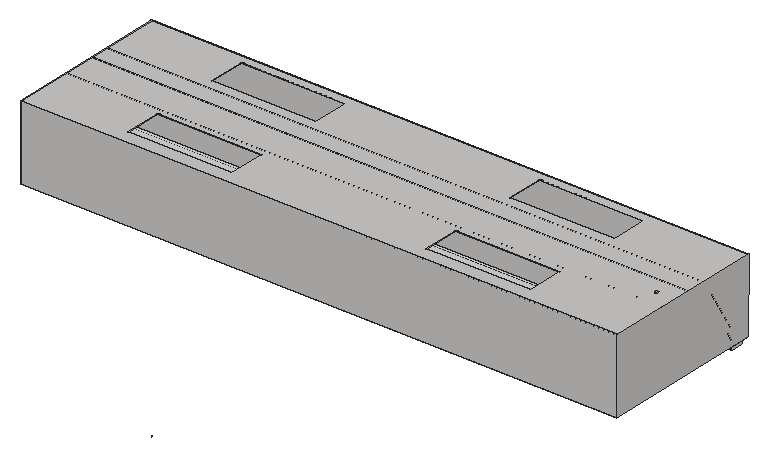
Revit family "QF_ELECTROLUXPROFESSIONAL_641256_STPF1140", category Specialty Equipment, Revit 2014
Reference planes
  plane 1: z = 0
  plane 2 "Center (Left/Right)": x = 150
  plane 3 "LEFT": x = -1850
  plane 4 "RIGHT": x = 2150
  plane 5 "BACK": y = 550
  plane 6 "TOP": z = 2500
  plane 7 "Base": z = 2000
  plane 8: z = 1955
  plane 9 "DrainY": y = 490
  plane 10: x = -1847
  plane 11 "DrainX": x = 2030
  plane 12 "AOLeft2": x = -500
  plane 13 "AORight1": x = 800
  plane 14: x = 2147
  plane 15: x = -1650
  plane 16: x = 1950
  plane 17 "Center (Front/Back)": y = -100
  plane 18 "Front": y = -550
  plane 19 "AOLeft1": x = -1200
  plane 20 "AORight2": x = 1500
  plane 21: y = -464
  plane 22: y = -214
  plane 23: y = 240
  plane 24: y = 490
  plane 25 "EI_y": y = -70
  plane 26 "EIx": x = 2030
Forms (mm)
  Extrusion 1, solid, material "QF_Finishes_Stainless Steel"
    sketch origin (-1850, 0, 360) x (0, 1, 0) y (0, 0, 1)
      loop
        line (550, 1640) -> (550, 2140) -> (-550, 2140) -> (-550, 1640) -> (550, 1640)
    from 0 to 3
  Extrusion 2, solid, material "QF_Finishes_Stainless Steel"
    sketch origin (2150, 0, 360) x (0, 1, 0) y (0, 0, 1)
      loop
        line (550, 1640) -> (550, 2140) -> (-550, 2140) -> (-550, 1640) -> (550, 1640)
    from 0 to -3
  Extrusion 3, solid, material "QF_Finishes_Stainless Steel"
    sketch origin (150, 0, 360) x (0, 1, 0) y (0, 0, 1)
      loop
        line (-550, 2140) -> (-550, 1640) -> (-540, 1640) -> (-540, 1640.8) -> (-549.2, 1640.8) -> (-549.2, 2139.19) -> (549.2, 2139.19) -> (549.2, 1640.8) -> (540, 1640.8) -> (540, 1640) -> (550, 1640) -> (550, 2140) -> (-550, 2140)
    from -2000 to 2000
  Extrusion 4, solid, material "QF_Finishes_Stainless Steel"
    sketch origin (0, 0, 2000) x (0, 1, 0) y (-1, 0, 0)
      loop
        circle (490, -2030) r 4.763
    from -30 to 0
  Extrusion 5, void
    sketch origin (0, 0, 2500) x (0, 1, 0) y (-1, 0, 0)
      loop
        line (-214, 500) -> (-214, 1200) -> (-464, 1200) -> (-464, 500) -> (-214, 500)
    from 0 to -10
  Extrusion 6, solid, material "QF_Finishes_Stainless Steel"
    sketch origin (0, 0, 0) x (1, 0, 0) y (0, 1, 0)
      loop
        line (-1850, 550) -> (-1850, 549) -> (-1849, 549) -> (-1849, 550) -> (-1850, 550)
    from 0 to 1
  Extrusion 7, solid, material "QF_LAMPS"
    sketch origin (150, 0, 360) x (0, 1, 0) y (0, 0, 1)
      loop
        line (-172.823, 1962.324) -> (-18.948, 2086.929) -> (-27.129, 2097.032) -> (-181.003, 1972.426) -> (-172.823, 1962.324)
    from 1997 to -1997
  Sweep 8, solid, material "QF_Finishes_Stainless Steel"
    path origin (0, 0, 0) x (1, 0, 0) y (0, 1, 0)
      loop
        line (2150, 550) -> (-1850, 550) -> (-1850, -550) -> (2150, -550) -> (2150, 550)
    profile origin (2150, 0, 0) x (1, 0, 0) y (0, 0, 1)
      loop
        line (-3, 2000) -> (-3, 2000.8) -> (-19, 2000.8) -> (-19, 2010) -> (-20, 2010) -> (-20, 2000) -> (-3, 2000)
  Extrusion 9, solid, material "QF_Finishes_Stainless Steel"
    sketch origin (150, 0, 0) x (0, 1, 0) y (0, 0, 1)
      loop
        line (414.66, 2095.469) -> (440.643, 2110.471) -> (261.744, 2411.771) -> (235.948, 2396.455) -> (414.66, 2095.469)
    from -1997 to -1800
  Extrusion 10, void
    sketch origin (1134.605, 0, 2500) x (0, 1, 0) y (-1, 0, 0)
      loop
        line (-214, -365.395) -> (-214, 334.605) -> (-464, 334.605) -> (-464, -365.395) -> (-214, -365.395)
    from 0 to -10
  Extrusion 11, solid, material "QF_Finishes_Stainless Steel"
    sketch origin (2030, 0, 0) x (0, 1, 0) y (0, 0, 1)
      loop
        line (539, 2000) -> (441, 2000) -> (441, 1989) -> (448.5, 1989) -> (448.5, 1965)
        arc (448.5, 1965) -> (451.429, 1957.929) -> (458.5, 1955) r 10
        line (458.5, 1955) -> (521.5, 1955)
        arc (521.5, 1955) -> (528.571, 1957.929) -> (531.5, 1965) r 10
        line (531.5, 1965) -> (531.5, 1989) -> (539, 1989) -> (539, 2000)
    from 90 to -90
  Extrusion 12, solid, material "QF_Finishes_Stainless Steel"
    sketch origin (150, 0, 0) x (0, 1, 0) y (0, 0, 1)
      loop
        line (414.66, 2095.469) -> (440.643, 2110.471) -> (261.744, 2411.771) -> (235.948, 2396.455) -> (414.66, 2095.469)
    from 1800 to 1997
  Extrusion 13, solid, material "QF_Finished_Chrome"
    sketch origin (150, 0, 0) x (0, 1, 0) y (0, 0, 1)
      loop
        line (414.66, 2095.469) -> (440.643, 2110.471) -> (261.744, 2411.771) -> (235.948, 2396.455) -> (414.66, 2095.469)
    from -1800 to 1800
  Extrusion 14, void
    sketch origin (0, 1180, 2500) x (0, 1, 0) y (-1, 0, 0)
      loop
        line (-690, 500) -> (-690, 1200) -> (-940, 1200) -> (-940, 500) -> (-690, 500)
    from 0 to -10
  Extrusion 15, void
    sketch origin (1600, 1180, 2500) x (0, 1, 0) y (-1, 0, 0)
      loop
        line (-690, 100) -> (-690, 800) -> (-940, 800) -> (-940, 100) -> (-690, 100)
    from 0 to -10
  Extrusion 16, solid, material "QF_Finishes_Stainless Steel"
    sketch origin (0, 0, 2500) x (0, 1, 0) y (-1, 0, 0)
      loop
        circle (-70, -2030) r 10
    from 0 to 1.6
  Extrusion 17, solid, material "QF_Finishes_Stainless Steel"
    sketch origin (150, 0, 360) x (0, 1, 0) y (0, 0, 1)
      loop
        line (430.005, 1640) -> (540, 1640) -> (540, 1640.8) -> (430.467, 1640.8) -> (371.906, 1742.23) -> (414.858, 1734.657) -> (442.266, 1750.481) -> (442.266, 1765.943) -> (441.466, 1765.943) -> (441.466, 1750.943) -> (414.709, 1735.495) -> (321.153, 1751.991) -> (320.875, 1750.416) -> (371.4, 1741.507) -> (430.005, 1640)
      loop
        line (172.529, 2139.19) -> (242.893, 2017.316) -> (245.133, 2018.715) -> (240.13, 2027.381) -> (238.569, 2026.405) -> (173.453, 2139.19) -> (172.529, 2139.19)
    from -1997 to 1997
  Extrusion 18, solid, material "QF_Finishes_Stainless Steel"
    sketch origin (150, 200.8, 360) x (0, 1, 0) y (0, 0, 1)
      loop
        line (-750, 2139.19) -> (-750, 1640) -> (-686.602, 1640) -> (-599.146, 1690.493) -> (-610.058, 1709.394) -> (-666.564, 1676.77) -> (-714.704, 1680.982) -> (-749.2, 1730.248) -> (-749.2, 2139.19) -> (-750, 2139.19)
      loop
        line (-373.6, 1961.694) -> (-381.937, 1971.99) -> (-369.095, 1982.182) -> (-369.095, 2139.19) -> (-369.895, 2139.19) -> (-369.895, 1982.569) -> (-682.298, 1734.63) -> (-671.091, 1720.79) -> (-373.6, 1961.694)
      loop
        line (-227.61, 2099.216) -> (-218.171, 2087.559) -> (-154.411, 2139.19) -> (-155.682, 2139.19) -> (-218.052, 2088.684) -> (-226.989, 2099.719) -> (-227.61, 2099.216)
    from -1997 to 1997
  Extrusion 19, solid, material "QF_Finishes_Stainless Steel"
    sketch origin (0, 0, 2500) x (0, 1, 0) y (-1, 0, 0)
      loop
        circle (-70, -2030) r 10
    from 0 to 1.6
Cuts and joins
  Extrusion 5, Extrusion 10, Extrusion 14, Extrusion 15 cuts Extrusion 3
  joined: Extrusion 2, Extrusion 3, Sweep 8
Lines and regions (mm)
  symbolic lines, style "SpecialityEquipment", detail levels coarse
    curve 1: line (2150, 550, 2500) -> (-1850, 550, 2500)
    curve 2: line (-1850, 550, 2500) -> (-1850, -550, 2500)
    curve 3: line (2150, -550, 2500) -> (2150, 550, 2500)
    curve 4: line (-1850, 550, 0) -> (2150, -550, 0)
    curve 5: line (2150, 550, 0) -> (-1850, -550, 0)
    curve 6: line (-1850, -550, 0) -> (2150, -550, 0)
  symbolic lines, detail levels coarse
    curve 7: line (-1200, 240, 2500) -> (-500, 240, 2500)
    curve 8: line (-1200, 490, 2500) -> (-1200, 240, 2500)
    curve 9: line (-500, 490, 2500) -> (-1200, 490, 2500)
    curve 10: line (-500, 240, 2500) -> (-500, 490, 2500)
    curve 11: line (800, 490, 2500) -> (800, 240, 2500)
    curve 12: line (1500, 490, 2500) -> (800, 490, 2500)
    curve 13: line (800, 240, 2500) -> (1500, 240, 2500)
    curve 14: line (1500, 240, 2500) -> (1500, 490, 2500)
    curve 15: line (-1200, -214, 2500) -> (-500, -214, 2500)
    curve 16: line (-1200, -464, 2500) -> (-1200, -214, 2500)
    curve 17: line (-500, -464, 2500) -> (-1200, -464, 2500)
    curve 18: line (-500, -214, 2500) -> (-500, -464, 2500)
    curve 19: line (800, -214, 2500) -> (1500, -214, 2500)
    curve 20: line (800, -464, 2500) -> (800, -214, 2500)
    curve 21: line (1500, -464, 2500) -> (800, -464, 2500)
    curve 22: line (1500, -214, 2500) -> (1500, -464, 2500)
Dimensions and locks
  plane 3 "LEFT" to plane 4 "RIGHT" = 4000 mm
  equal spacing: plane 3 "LEFT", plane 2 "Center (Left/Right)", plane 4 "RIGHT"
  plane 7 "Base" to plane 8 = 45 mm
  plane 5 "BACK" to plane 9 "DrainY" = 60 mm  (x2)
  plane 3 "LEFT" to plane 10 = 3 mm
  plane 11 "DrainX" to plane 4 "RIGHT" = 120 mm
  plane 14 to plane 4 "RIGHT" = 3 mm
  plane 3 "LEFT" to plane 15 = 200 mm
  plane 16 to plane 4 "RIGHT" = 200 mm
  locked: plane 12 "AOLeft2" to plane 13 "AORight1" at 1300
  equal spacing: plane 12 "AOLeft2", plane 2 "Center (Left/Right)", plane 13 "AORight1"
  locked: plane 7 "Base" to level at 2000
  locked: plane 6 "TOP" to plane 7 "Base" at 500
  locked: plane 19 "AOLeft1" to plane 12 "AOLeft2" at 700
  locked: plane 13 "AORight1" to plane 20 "AORight2" at 700
  locked: plane 22 to plane 21 at 250
  locked: plane 21 to plane 18 "Front" at 86
  locked: plane 24 to plane 23 at 250
  locked: plane 5 "BACK" to plane 24 at 60
  locked: plane 25 "EI_y" to plane 18 "Front" at 480
  locked: plane 26 "EIx" to plane 4 "RIGHT" at 120
  locked: plane 5 "BACK" to plane 18 "Front" at 1100
  plane 5 "BACK" to plane 18 "Front" = 1100 mm
  aligned and locked: level to plane 1
  aligned and locked: plane 4 "RIGHT" to Extrusion 3
  aligned and locked: Extrusion 3 to plane 3 "LEFT"
  aligned and locked: Extrusion 2 to plane 14
  aligned and locked: Extrusion 9 to plane 10
  aligned and locked: Extrusion 5 to plane 19 "AOLeft1"
  aligned and locked: Extrusion 5 to plane 12 "AOLeft2"
  aligned and locked: plane 20 "AORight2" to Extrusion 10
  aligned and locked: plane 13 "AORight1" to Extrusion 10
  aligned and locked: plane 15 to Extrusion 9
  aligned and locked: plane 16 to Extrusion 12
  aligned and locked: plane 14 to Extrusion 12
  aligned and locked: Extrusion 13 to plane 15
  aligned and locked: Extrusion 13 to plane 16
  aligned and locked: plane 14 to Extrusion 7
  aligned and locked: Extrusion 7 to plane 10
  aligned and locked: Extrusion 14 to plane 23
  aligned and locked: plane 24 to Extrusion 14
  aligned and locked: plane 24 to Extrusion 15
  aligned and locked: Extrusion 15 to plane 23
  aligned and locked: plane 13 "AORight1" to Extrusion 15
  aligned and locked: plane 20 "AORight2" to Extrusion 15
  aligned and locked: Extrusion 14 to plane 19 "AOLeft1"
  aligned and locked: Extrusion 14 to plane 12 "AOLeft2"
  aligned and locked: Extrusion 17 to plane 10
  aligned and locked: plane 14 to Extrusion 17
  aligned and locked: Extrusion 5 to plane 21
  aligned and locked: plane 22 to Extrusion 5
  aligned and locked: Extrusion 10 to plane 21
  aligned and locked: Extrusion 18 to plane 10
  aligned and locked: plane 14 to Extrusion 18
Automatic sketch dimensions
  curve 6 to plane 3 "LEFT" = 0 mm
  curve 4 to plane 3 "LEFT" = 0 mm
  curve 5 to plane 4 "RIGHT" = 0 mm
  curve 6 to plane 4 "RIGHT" = 0 mm
  curve 4 to plane 18 "Front" = 0 mm
  curve 4 to plane 5 "BACK" = 0 mm
  curve 5 to plane 5 "BACK" = 0 mm
  Extrusion 1 sketch curve to plane 7 "Base" = 0 mm
  Extrusion 1 sketch curve to plane 18 "Front" = 0 mm
  Extrusion 1 sketch curve to plane 5 "BACK" = 0 mm
  Extrusion 1 sketch curve to plane 6 "TOP" = 0 mm
  Extrusion 2 sketch curve to plane 7 "Base" = 0 mm
  Extrusion 2 sketch curve to plane 18 "Front" = 0 mm
  Extrusion 2 sketch curve to plane 5 "BACK" = 0 mm
  Extrusion 2 sketch curve to plane 6 "TOP" = 0 mm
  Extrusion 3 sketch curve to plane 6 "TOP" = 0 mm
  Extrusion 3 sketch curve to plane 18 "Front" = 0 mm
  Extrusion 3 sketch curve to plane 7 "Base" = 0 mm  (x2)
  Extrusion 3 sketch curve to plane 5 "BACK" = 0 mm
  plane 18 "Front" to Extrusion 3 sketch curve = 0.8 mm
  Extrusion 3 sketch curve to Extrusion 3 sketch curve = 9.2 mm
  plane 7 "Base" to Extrusion 3 sketch curve = 0.8 mm  (x2)
  Extrusion 3 sketch curve to plane 5 "BACK" = 10 mm
  Extrusion 3 sketch curve to plane 5 "BACK" = 0.8 mm
  Extrusion 3 sketch curve to plane 6 "TOP" = 0.81 mm
  Extrusion 4 sketch curve to plane 9 "DrainY" = 0 mm
  Extrusion 4 sketch curve to plane 11 "DrainX" = 0 mm
  Extrusion 5 sketch curve to plane 12 "AOLeft2" = 0 mm
  Extrusion 5 sketch curve to plane 19 "AOLeft1" = 0 mm
  plane 21 to Extrusion 5 sketch curve = 0 mm
  Extrusion 5 sketch curve to plane 25 "EI_y" = 144 mm
  Extrusion 6 sketch curve to plane 3 "LEFT" = 0 mm
  Extrusion 6 sketch curve to plane 5 "BACK" = 0 mm
  plane 3 "LEFT" to Extrusion 6 sketch curve = 1 mm
  Extrusion 6 sketch curve to Extrusion 6 sketch curve = 1 mm
  plane 22 to Extrusion 7 sketch curve = 32.997 mm
  Extrusion 7 sketch curve to Extrusion 7 sketch curve = 8.181 mm  (x2)
  plane 25 "EI_y" to Extrusion 7 sketch curve = 42.871 mm
  Extrusion 7 sketch curve to plane 6 "TOP" = 177.676 mm
  Extrusion 7 sketch curve to Extrusion 7 sketch curve = 10.102 mm
  Extrusion 7 sketch curve to plane 6 "TOP" = 53.071 mm
  Extrusion 7 sketch curve to Extrusion 7 sketch curve = 10.103 mm
  Sweep 8 sketch curve to plane 3 "LEFT" = 0 mm
  Sweep 8 sketch curve to plane 4 "RIGHT" = 0 mm
  Sweep 8 sketch curve to plane 18 "Front" = 0 mm
  Sweep 8 sketch curve to plane 5 "BACK" = 0 mm
  profile plane to Sweep 8 sketch curve = 20 mm
  Sweep 8 sketch curve to Sweep 8 sketch curve = 1 mm
  profile plane to Sweep 8 sketch curve = 3 mm
  level to Sweep 8 sketch curve = 2000 mm
  Sweep 8 sketch curve to Sweep 8 sketch curve = 0.8 mm
  Sweep 8 sketch curve to Sweep 8 sketch curve = 9.2 mm
  Extrusion 9 sketch curve to plane 23 = 4.052 mm
  plane 23 to Extrusion 9 sketch curve = 21.744 mm
  Extrusion 9 sketch curve to plane 9 "DrainY" = 75.34 mm
  Extrusion 9 sketch curve to Extrusion 9 sketch curve = 25.983 mm
  plane 7 "Base" to Extrusion 9 sketch curve = 95.469 mm
  Extrusion 9 sketch curve to Extrusion 9 sketch curve = 15.001 mm
  Extrusion 9 sketch curve to plane 6 "TOP" = 103.545 mm
  Extrusion 9 sketch curve to Extrusion 9 sketch curve = 15.316 mm
  Extrusion 10 sketch curve to plane 20 "AORight2" = 0 mm
  Extrusion 10 sketch curve to plane 13 "AORight1" = 0 mm
  plane 21 to Extrusion 10 sketch curve = 0 mm
  Extrusion 10 sketch curve to plane 25 "EI_y" = 144 mm
  Extrusion 11 sketch curve to plane 8 = 0 mm
  Extrusion 11 sketch curve to plane 7 "Base" = 11 mm  (x2)
  Extrusion 11 sketch curve to plane 9 "DrainY" = 49 mm
  Extrusion 11 sketch curve to Extrusion 11 sketch curve = 7.5 mm  (x2)
  Extrusion 11 sketch curve to Extrusion 11 sketch curve = 10 mm
  Extrusion 11 sketch curve to plane 5 "BACK" = 28.5 mm
  Extrusion 11 sketch curve to plane 5 "BACK" = 18.5 mm
  plane 7 "Base" to Extrusion 11 sketch curve = 0 mm
  Extrusion 12 sketch curve to plane 23 = 4.052 mm
  plane 23 to Extrusion 12 sketch curve = 21.744 mm
  Extrusion 12 sketch curve to plane 9 "DrainY" = 75.34 mm
  Extrusion 12 sketch curve to Extrusion 12 sketch curve = 25.983 mm
  plane 7 "Base" to Extrusion 12 sketch curve = 95.469 mm
  Extrusion 12 sketch curve to Extrusion 12 sketch curve = 15.001 mm
  Extrusion 12 sketch curve to plane 6 "TOP" = 103.545 mm
  Extrusion 12 sketch curve to Extrusion 12 sketch curve = 15.316 mm
  Extrusion 13 sketch curve to plane 23 = 4.052 mm
  plane 23 to Extrusion 13 sketch curve = 21.744 mm
  Extrusion 13 sketch curve to plane 9 "DrainY" = 75.34 mm
  Extrusion 13 sketch curve to Extrusion 13 sketch curve = 25.983 mm
  plane 7 "Base" to Extrusion 13 sketch curve = 95.469 mm
  Extrusion 13 sketch curve to Extrusion 13 sketch curve = 15.001 mm
  Extrusion 13 sketch curve to plane 6 "TOP" = 103.545 mm
  Extrusion 13 sketch curve to Extrusion 13 sketch curve = 15.316 mm
  Extrusion 14 sketch curve to plane 12 "AOLeft2" = 0 mm
  Extrusion 14 sketch curve to plane 23 = 0 mm
  Extrusion 14 sketch curve to plane 9 "DrainY" = 0 mm
  Extrusion 14 sketch curve to plane 19 "AOLeft1" = 0 mm
  Extrusion 15 sketch curve to plane 20 "AORight2" = 0 mm
  Extrusion 15 sketch curve to plane 23 = 0 mm
  Extrusion 15 sketch curve to plane 9 "DrainY" = 0 mm
  Extrusion 15 sketch curve to plane 13 "AORight1" = 0 mm
  Extrusion 16 sketch curve to plane 25 "EI_y" = 0 mm
  Extrusion 16 sketch curve to plane 26 "EIx" = 0 mm
  Extrusion 17 sketch curve to plane 7 "Base" = 0 mm
  Extrusion 17 sketch curve to plane 6 "TOP" = 0.81 mm
  Extrusion 17 sketch curve to plane 23 = 67.471 mm
  Extrusion 17 sketch curve to Extrusion 17 sketch curve = 0.924 mm
  Extrusion 17 sketch curve to plane 23 = 1.431 mm
  plane 23 to Extrusion 17 sketch curve = 0.13 mm
  plane 23 to Extrusion 17 sketch curve = 2.893 mm
  Extrusion 17 sketch curve to Extrusion 17 sketch curve = 2.24 mm
  plane 23 to Extrusion 17 sketch curve = 80.875 mm
  Extrusion 17 sketch curve to Extrusion 17 sketch curve = 0.278 mm
  Extrusion 17 sketch curve to Extrusion 17 sketch curve = 50.525 mm
  Extrusion 17 sketch curve to Extrusion 17 sketch curve = 0.506 mm
  Extrusion 17 sketch curve to Extrusion 17 sketch curve = 42.803 mm
  Extrusion 17 sketch curve to Extrusion 17 sketch curve = 0.148 mm
  Extrusion 17 sketch curve to plane 9 "DrainY" = 59.995 mm
  plane 7 "Base" to Extrusion 17 sketch curve = 0.8 mm
  Extrusion 17 sketch curve to Extrusion 17 sketch curve = 0.462 mm  (x2)
  Extrusion 17 sketch curve to Extrusion 17 sketch curve = 109.533 mm
  Extrusion 17 sketch curve to Extrusion 17 sketch curve = 26.757 mm
  Extrusion 17 sketch curve to Extrusion 17 sketch curve = 0.8 mm
  plane 7 "Base" to Extrusion 17 sketch curve = 94.657 mm
  Extrusion 17 sketch curve to Extrusion 17 sketch curve = 0.838 mm
  Extrusion 17 sketch curve to Extrusion 17 sketch curve = 6.012 mm
  Extrusion 17 sketch curve to Extrusion 17 sketch curve = 0.723 mm
  Extrusion 17 sketch curve to Extrusion 17 sketch curve = 14.986 mm
  Extrusion 17 sketch curve to Extrusion 17 sketch curve = 15 mm
  Extrusion 17 sketch curve to plane 6 "TOP" = 122.684 mm
  Extrusion 17 sketch curve to Extrusion 17 sketch curve = 1.399 mm
  Extrusion 17 sketch curve to Extrusion 17 sketch curve = 9.089 mm
  Extrusion 17 sketch curve to Extrusion 17 sketch curve = 0.975 mm
  Extrusion 18 sketch curve to plane 7 "Base" = 0 mm
  Extrusion 18 sketch curve to Extrusion 18 sketch curve = 0.8 mm  (x2)
  plane 7 "Base" to Extrusion 18 sketch curve = 40.982 mm
  Extrusion 18 sketch curve to Extrusion 18 sketch curve = 35.296 mm
  Extrusion 18 sketch curve to Extrusion 18 sketch curve = 28.102 mm
  plane 7 "Base" to Extrusion 18 sketch curve = 94.63 mm
  Extrusion 18 sketch curve to Extrusion 18 sketch curve = 32.405 mm
  plane 7 "Base" to Extrusion 18 sketch curve = 80.79 mm
  Extrusion 18 sketch curve to Extrusion 18 sketch curve = 11.207 mm
  plane 7 "Base" to Extrusion 18 sketch curve = 36.77 mm
  Extrusion 18 sketch curve to Extrusion 18 sketch curve = 20.038 mm
  plane 7 "Base" to Extrusion 18 sketch curve = 69.394 mm
  Extrusion 18 sketch curve to Extrusion 18 sketch curve = 61.033 mm
  plane 7 "Base" to Extrusion 18 sketch curve = 50.493 mm
  Extrusion 18 sketch curve to Extrusion 18 sketch curve = 10.912 mm
  Extrusion 18 sketch curve to plane 6 "TOP" = 168.01 mm
  Extrusion 18 sketch curve to Extrusion 18 sketch curve = 228.121 mm
  Extrusion 18 sketch curve to plane 6 "TOP" = 178.306 mm
  Extrusion 18 sketch curve to Extrusion 18 sketch curve = 8.337 mm
  Extrusion 18 sketch curve to plane 6 "TOP" = 157.431 mm
  Extrusion 18 sketch curve to Extrusion 18 sketch curve = 12.042 mm
  Extrusion 18 sketch curve to plane 6 "TOP" = 157.818 mm
  Extrusion 18 sketch curve to plane 6 "TOP" = 40.784 mm
  Extrusion 18 sketch curve to Extrusion 18 sketch curve = 141.485 mm
  Extrusion 18 sketch curve to plane 6 "TOP" = 40.281 mm
  Extrusion 18 sketch curve to Extrusion 18 sketch curve = 0.622 mm
  Extrusion 18 sketch curve to plane 6 "TOP" = 52.441 mm
  Extrusion 18 sketch curve to plane 6 "TOP" = 51.316 mm
  Extrusion 18 sketch curve to plane 6 "TOP" = 0.81 mm  (x3)
  Extrusion 18 sketch curve to Extrusion 18 sketch curve = 62.37 mm
  Extrusion 18 sketch curve to Extrusion 18 sketch curve = 1.271 mm
  Extrusion 18 sketch curve to Extrusion 18 sketch curve = 49.266 mm
  Extrusion 19 sketch curve to plane 25 "EI_y" = 0 mm
  Extrusion 19 sketch curve to plane 26 "EIx" = 0 mm
  plane 18 "Front" to Extrusion 18 sketch curve = 0.8 mm
  curve 2 to plane 3 "LEFT" = 0 mm
  curve 2 to plane 18 "Front" = 0 mm
  curve 3 to plane 4 "RIGHT" = 0 mm
  curve 3 to plane 18 "Front" = 0 mm
  curve 21 to plane 13 "AORight1" = 0 mm
  curve 21 to plane 21 = 0 mm
  curve 18 to plane 12 "AOLeft2" = 0 mm
  curve 18 to plane 21 = 0 mm
  curve 19 to plane 20 "AORight2" = 0 mm
  curve 19 to plane 22 = 0 mm
  curve 15 to plane 22 = 0 mm
  curve 13 to plane 13 "AORight1" = 0 mm
  curve 13 to plane 23 = 0 mm
  curve 10 to plane 12 "AOLeft2" = 0 mm
  curve 10 to plane 23 = 0 mm
  curve 14 to plane 9 "DrainY" = 0 mm
  curve 10 to plane 9 "DrainY" = 0 mm
  curve 2 to plane 5 "BACK" = 0 mm
  curve 14 to plane 20 "AORight2" = 0 mm
  curve 17 to plane 19 "AOLeft1" = 0 mm
  curve 7 to plane 19 "AOLeft1" = 0 mm
  radius of Extrusion 4 sketch curve = 4.763 mm
  radius of Extrusion 16 sketch curve = 10 mm
  radius of Extrusion 19 sketch curve = 10 mm
Connectors
  piping at (2030, 490, 1970), diameter 9.5
    settings: on Extrusion 4, index 1, connector inside diameter 609.6 mm, connector length 0 mm, flow factor 0, pipe flow 0.0 L/s, pressure drop 0.0 Pa, fitting loss kfactor 0, connector angle 0.00°, fixture units 0, engagement length 0 mm, angle of deflection 0.00°, flow configuration 1, flow direction 2, fitting loss method 0, system type 16, joint type 0, gender type 0, connector reference index -1, connector utility 0, adjustable connector no, is connector primary yes, connector description "Drain"
  hvac at (-850, -339, 2500)
    settings: on Extrusion 5, index 2, duct flow 0.0 L/s, flow factor 0, pres drop 0.0 Pa, loss coef 0, conn angle 0.00°, conn width 250 mm, conn height 700 mm, conn diameter 609.6 mm, duct sys type 1, conn prof type 1, flow config 1, flow direction 1, loss method 0, conn ref index -1, conn util no, is conn primary yes, conn desc "AIR INLET"
  hvac at (1150, -339, 2500)
    settings: on Extrusion 10, index 3, duct flow 0.0 L/s, flow factor 0, pres drop 0.0 Pa, loss coef 0, conn angle 0.00°, conn width 250 mm, conn height 700 mm, conn diameter 609.6 mm, duct sys type 1, conn prof type 1, flow config 1, flow direction 1, loss method 0, conn ref index -1, conn util no, is conn primary no, conn desc "AIR INLET"
  hvac at (-850, 365, 2500)
    settings: on Extrusion 14, index 4, duct flow 0.0 L/s, flow factor 0, pres drop 0.0 Pa, loss coef 0, conn angle 0.00°, conn width 250 mm, conn height 700 mm, conn diameter 609.6 mm, duct sys type 3, conn prof type 1, flow config 1, flow direction 2, loss method 0, conn ref index -1, conn util no, is conn primary no, conn desc "EXHAUST OUTLET"
  hvac at (1150, 365, 2500)
    settings: on Extrusion 15, index 5, duct flow 0.0 L/s, flow factor 0, pres drop 0.0 Pa, loss coef 0, conn angle 0.00°, conn width 250 mm, conn height 700 mm, conn diameter 609.6 mm, duct sys type 3, conn prof type 1, flow config 1, flow direction 2, loss method 0, conn ref index -1, conn util no, is conn primary no, conn desc "EXHAUST OUTLET"
  electrical at (2030, -70, 2501.6)
    settings: on Extrusion 16, index 6, voltage 0 V, apparent load 0 VA, apparent load phase1 0 VA, apparent load phase2 0 VA, apparent load phase3 0 VA, power factor 1, load classification "Other", number of poles 1, system type 30, power factor state 1, is connector primary yes, connector utility no, sub classification motor no, connector description "Electrical Connection"
  electrical at (2030, -70, 2501.6)
    settings: on Extrusion 19, index 12, voltage 0 V, apparent load 0 VA, apparent load phase1 0 VA, apparent load phase2 0 VA, apparent load phase3 0 VA, power factor 1, load classification "Other", number of poles 1, system type 30, power factor state 1, is connector primary no, connector utility no, sub classification motor no, connector description ""
